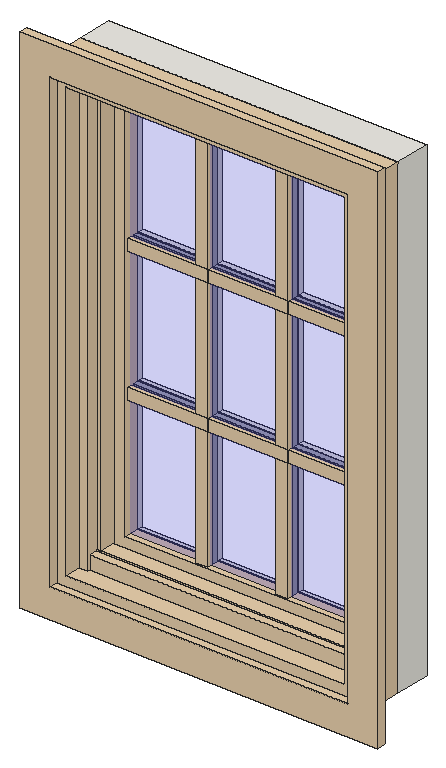
Revit family "Window-Venting_Transom-Andersen-A_Series 2", category Windows, host Wall, Revit 2013
Parameters (values of type "71-1/4" x 35-1/4"")
  Visual Light Transmittance = 0.41  # constant formula
  Thermal Resistance (R) = 0.65161  # 3.7000 (h·ft²·°F)/BTU
  TFL = if(Fractional Lights High > 5, 3, if(or(Fractional Lights High = 4, Fractional Lights High = 5), 2, if(or(Fractional Lights High = 2, Fractional Lights High = 3), 1, 1)))  # 1
  TFB = TFL - 1  # 0
  Solar Heat Gain Coefficient = 0.18  # constant formula
  Learn About These Parameters = "http://www.andersenwindows.com/for-professionals/cad-symbols-bim-support-window-doors/bim-support"
  LWide = if(Enter Pattern Number = 3, 3, if(Enter Pattern Number = 1, . . Lights Wide, Fractional Lights Wide))  # 3
  Heat Transfer Coefficient (U) = 1.5331  # 0.2700 BTU/(h·ft²·°F)
  Glazing Material = Glass ‐ Andersen - Low-E4 SmartSun
  Fractional Lights Wide = 7
  Fractional Lights High = 3
  Exterior Unit Finish = Fiberglass - Andersen - White
  Available Grille Bar Sizes = "3/4'', 7/8'', 1 1/8'', 2 1/4''"  # constant formula
  Between Glass Grille Bar Sizes = "3/4'', 1''"  # constant formula
  Interior Casing = yes
  Grille Bar Size = 0' - 0 7/8"
  Enter Pattern Number = 1
  Analytic Construction = "<None>"
  ..Pattern Number 1 = "Colonial"  # constant formula
  . . Lights Wide = 3
  . . Lights High = 3
  ..Pattern Number 2 = "Modified Colonial"  # constant formula
  ..Pattern Number 3 = "Prairie"  # constant formula
  ..Pattern Number 4 = "Short Fractional"  # constant formula
  ..Pattern Number 5 = "Tall Fractional"  # constant formula
  Extension Jamb = yes
  Enter Exterior Trim Number = 0
  ..Exterior Trim Number 0 = "No Exterior Trim"  # constant formula
  ..Exterior Trim Number 1 = "Brick Mould"  # constant formula
  ..Exterior Trim Number 2 = "3 1/2'' Flat Casing"  # constant formula
  ..Exterior Trim Number 3 = "4 1/2'' Flat Casing"  # constant formula
  Interior Grille Bar = yes
  Exterior Grille Bar = yes
  Between Glass Grille Bar = yes
  xjamb Visibility [instance] = and(Wall Depth > 0' 4 9/16", Extension Jamb)  # no
  xjamb S1 [instance] = if(Wall Depth > 0' 4 9/16", Wall Depth - 0' 4 9/16", 0' 3")  # 0' - 3"
  sill nose1 = 0' - 1 13/16"  # constant formula
  sill nose 2 = 0' - 1 15/16"  # constant formula
  casingS2 = if(Enter Exterior Trim Number = 1, 0' 0 3/16", 0' 0 3/16")  # 0' - 0 3/16"
  casingS1 = if(Enter Exterior Trim Number = 1, 0' 0 7/16", 0' 0 3/16")  # 0' - 0 3/16"
  casing4 = if(Enter Exterior Trim Number = 1, 0' 1 3/4", if(Enter Exterior Trim Number = 2, 0' 3 1/4", 0' 4 1/4"))  # 0' - 4 1/4"
  casing3 = 0' - 0 1/2"  # constant formula
  casing2 = 0' - 0 7/8"  # constant formula
  casing1 = 0' - 0 1/4"  # constant formula
  Xjamb 2 = 0' - 0 1/32"
  Xjamb 1 = 0' - 0 23/32"
  Wall Thickness [instance] = 0' - 8"
  Wall Depth [instance] = 0' - 4 9/16"
  Void Offset 2 = if(Enter Exterior Trim Number > 0, 0' 1 15/16", 0' 0")  # 0' - 0"
  Void Offset 1 = if(Enter Exterior Trim Number > 0, casing4, 0' 0")  # 0' - 0"
  Void Depth [instance] = if(Wall Thickness > Wall Depth, 0' 1" + Wall Thickness - Wall Depth, 0' 1")  # 0' - 4 7/16"
  VGB DLO = if(Enter Pattern Number = 3, 0' 4", (H DLO - (Grille Bar Size * (V Bars))) / if(LWide > 2, LWide, 3))  # 0' - 5.20833"
  V Bars = if(Enter Pattern Number = 3, 2, if(LWide > 2, LWide - 1, 2))  # 2
  URL = "www.andersenwindows.com"
  Type Comments = "Fiberglass and Fibrex clad wood venting tansom window"
  TS V DLO = Height - HGO - SGO  # 2' - 5 3/8"
  TS V Bar Length = if(or(Enter Pattern Number = 5, Enter Pattern Number = 2), ((((Height - HGO - SGO - (Grille Bar Size * (Fractional Lights High - 1))) / Fractional Lights High)) * TFL) + (TFB * Grille Bar Size), if(Enter Pattern Number = 4, ((Height - HGO - SGO - (Grille Bar Size * (Fractional Lights High - 1))) / Fractional Lights High), Height - HGO - SGO))  # 2' - 5 3/8"
  TS SH DLO = if(or(Enter Pattern Number = 5, Enter Pattern Number = 2), ((((Height - HGO - SGO - (Grille Bar Size * (Fractional Lights High - 1))) / Fractional Lights High)) * TFL) + (TFB * Grille Bar Size) + HGO + (Grille Bar Size / 2), if(Enter Pattern Number = 4, TS V Bar Length + HGO + (Grille Bar Size / 2), (TS V DLO / 2) + HGO))  # 1' - 6"
  TS S V = or(and(LWide = 2, Enter Pattern Number = 1), and(Fractional Lights Wide = 2, or(or(Enter Pattern Number = 2, Enter Pattern Number = 4), Enter Pattern Number = 5)))  # no
  TS S H Craftsman = and(Enter Pattern Number = 2, or(Fractional Lights High = 4, Fractional Lights High = 5))  # no
  TS S H = or(or(or(and(. . Lights High = 2, Enter Pattern Number = 1), and(Enter Pattern Number = 4, Fractional Lights High > 1)), and(Enter Pattern Number = 5, Fractional Lights High > 1)), and(Enter Pattern Number = 2, Fractional Lights High > 1))  # no
  TS M V = LWide > 2  # yes
  TS M H = or(or(Enter Pattern Number = 3, and(. . Lights High > 2, Enter Pattern Number = 1)), and(Enter Pattern Number = 2, Fractional Lights High > 5))  # yes
  TS HGB DLO = if(Enter Pattern Number = 1, if(. . Lights High > 2, ((TS V Bar Length - (Grille Bar Size * (. . Lights High - 1))) / . . Lights High), 0' 4"), if(Enter Pattern Number = 3, 0' 4", if(Fractional Lights High > 2, ((TS V Bar Length - (Grille Bar Size * 2)) / 3), 0' 4")))  # 0' - 9.20833"
  TS H Bars = if(Enter Pattern Number = 3, 2, if(Enter Pattern Number = 1, if(. . Lights High > 2, . . Lights High - 1, 2), 2))  # 2
  Step Visibility = no
  Step Jamb2 = 0' - 0 13/16"
  Step Jamb1 = 0' - 1 1/8"  # constant formula
  Sill Stop Dim [instance] = 0' - 2 19/32"
  SGO = 0' - 3 5/16"  # constant formula
  Rough Width = Width + (Rough Opening Offset * 2)  # 2' - 0 3/4"
  Rough Opening Offset = 0' - 0 3/8"
  Rough Height = Height + (Rough Opening Offset * 2)  # 3' - 0 3/4"
  Push Out Stop Visibility [instance] = no
  Product Documentation Link = "http://www.andersenwindows.com/products/series/a-series/"
  Plan Exterior Mask Visibility [instance] = Plan Exterior Mask 2 > 0' 0 1/32"  # yes
  Plan Exterior Mask 2 [instance] = if(Enter Exterior Trim Number > 0, if(Wall Depth + 0' 1 1/16" + casingS1 > Wall Thickness, 0' 0 1/32", Wall Thickness - Wall Depth - 0' 1 1/16" - casingS1), if(Wall Depth + 0' 1 1/16" > Wall Thickness, 0' 0 1/32", Wall Thickness - Wall Depth - 0' 0 1/16"))  # 0' - 3 3/8"
  Plan Exterior Mask [instance] = if(Enter Exterior Trim Number > 0, 0' 1 1/16" + casingS1, 0' 1 1/16")  # 0' - 1 1/16"
  Nail Fin Visibility = Enter Exterior Trim Number = 0  # yes
  Model = "A-Series Venting Transom"  # constant formula
  Masonry Width = if(Enter Exterior Trim Number > 0, Width + ((casing4 + Masonry Opening Offset) * 2), Width + (Masonry Opening Offset * 2))  # 2' - 0 3/4"
  Masonry Opening Offset = 0' - 0 3/8"
  Masonry Height = if(Enter Exterior Trim Number > 0, Height + (casing4 + Masonry Opening Offset) + (sill nose 2 + Masonry Opening Offset), Height + (Masonry Opening Offset * 2))  # 3' - 0 3/4"
  Manufacturer = "Andersen Corporation"  # constant formula
  JGO = 0' - 3 5/16"  # constant formula
  Interior Trim Visibility = Interior Casing  # yes
  Interior Material = Wood - Andersen - Pine
  Interior Casing Size = 0' - 2 1/4"
  Horizontal Craftsman Bar Size = Grille Bar Size  # 0' - 0 7/8"
  Height = 3' - 0"
  Head Stop Dim [instance] = 0' - 2 121/256"
  HGO = 0' - 3 5/16"  # constant formula
  H DLO = Width - (JGO * 2)  # 1' - 5 3/8"
  Family Version = "01.01.15"  # constant formula
  Exterior Trim Finish = Fibrex Composite - Andersen - White
  Designation = "ATV6030"
  Description = "Composite-clad wood venting transom window"  # constant formula
  Default Sill Height = 6' 10 1/2" - Rough Height  # 3' - 9 3/4"
  Wall Closure = By host
  Width = 2' - 0"
  Crank Out Stop Visibility [instance] = yes
  Coarse Plan [instance] = if(Wall Depth < Wall Thickness, Wall Depth, Wall Thickness)  # 0' - 4 9/16"
  Casing Visibility = Enter Exterior Trim Number > 0  # no
  Between Glass Grille Bar Finish = Stainless Steel - Andersen - Standard
  Bar Center Line = if(Enter Pattern Number = 3, 1, 2)  # 2
  Assembly Code = "B2020100"
Reference planes (in)
  plane 1 "Center (Front/Back)": y = 0
  plane 2: z = 0
  plane 3 "Center (Left/Right)": x = 0
  plane 4 "R Frame": x = -12
  plane 5 "L Frame": x = 12
  plane 6 "B Frame": z = 47.4375
  plane 7 "T Frame": z = 83.4375
  plane 8 "L Glazing": x = 8.6875
  plane 9 "L Ext Frame": x = 11.375
  plane 10 "L Stop": x = 9.53125
  plane 11 "L Xjamb 1": x = 11.28125
  plane 12 "L Casing 1": x = 11.75
  plane 13 "L Xjamb 2": x = 11.96875
  plane 14 "L Rough Opening": x = 12.375
  plane 15 "L Casing 2": x = 15.375
  plane 16 "L Casing 3": x = 15.75
  plane 17 "L Casing 4": x = 16.25
  plane 18 "R Glazing": x = -8.6875
  plane 19 "R Ext Frame": x = -11.375
  plane 20 "R Stop": x = -9.528
  plane 21 "R Xjamb 1": x = -11.28125
  plane 22 "R Casing 1": x = -11.75
  plane 23 "R Xjamb 2": x = -11.96875
  plane 24 "R Rough Opening": x = -12.375
  plane 25 "R Casing 2": x = -15.375
  plane 26 "R Casing 3": x = -15.75
  plane 27 "R Casing 4": x = -16.25
  plane 28 "R Int Casing": x = -13.53125
  plane 29 "T Glazing": z = 80.125
  plane 30 "T Ext Frame": z = 82.8125
  plane 31 "T Xjamb 1": z = 82.71875
  plane 32 "T Casing 1": z = 83.1875
  plane 33 "T Xjamb 2": z = 83.40625
  plane 34 "T Rough Opening": z = 83.8125
  plane 35 "T Casing 2": z = 86.8125
  plane 36 "T Casing 3": z = 87.1875
  plane 37 "T Casing 4": z = 87.6875
  plane 38 "T Int Casing": z = 84.96875
  plane 39 "B Glazing": z = 50.75
  plane 40 "B Ext Frame": z = 48.0625
  plane 41 "B Xjamb 2": z = 47.46875
  plane 42 "B Casing 1": z = 47.6875
  plane 43 "B Casing 2": z = 45.5
  plane 44 "B Int Casing": z = 45.90625
  plane 45 "L Int Casing": x = 13.53125
  plane 46 "Casing S1": y = 2.062
  plane 47 "Casing S2": y = 2.062
  plane 48 "Frame S1": y = 1.8745
  plane 49 "Flange": y = 0.5625
  plane 50 "Glass1 S1": y = 0.42381
  plane 51 "Glass1 S2": y = 0.30181
  plane 52 "Glass1 S3": y = -0.21919
  plane 53 "Glass1 S4": y = -0.34119
  plane 54 "Sash1 S2": y = -0.78619
  plane 55 "Frame S2": y = -4
  plane 56 "B Xjamb 1": z = 48.15625
  plane 57 "Exterior Offset": y = 5
  plane 58 "Interior Casing": y = -4.625
  plane 59 "Vertical Bar Length": z = 50.75
  plane 60 "B Rough Opening": z = 47.0625
  plane 61 "R Masonry Opening": x = -16.625
  plane 62 "L Masonry Opening": x = 16.625
  plane 63 "T Masonry Opening": z = 88.0625
  plane 64 "B Masonry Opening": z = 45.125
  plane 65 "Xjamb S1": y = -1
  plane 66 "Sash1 S1": y = 0.80581
  plane 67 "R Sash": x = -11.0171
  plane 68 "L Sash": x = 11.03125
  plane 69 "Stop S1": y = -2.78619
  plane 70 "B Sash": z = 48.4194
  plane 71 "T Sash": z = 82.4546
  plane 72 "T Int Frame": z = 82.0055
  plane 73 "B Int Frame": z = 48.875
  plane 74 "L Int Frame": x = 10.5625
  plane 75 "R Int Frame": x = -10.568
  plane 76 "T Stop": z = 80.96484
  plane 77 "B Stop": z = 50.03125
Forms (in)
  Extrusion 1, void
    sketch origin (0, 0, 0) x (1, 0, 0) y (0, 0, 1)
      loop
        line (12, 83.4375) -> (-12, 83.4375) -> (-12, 47.4375) -> (12, 47.4375) -> (12, 83.4375)
    from -0.5625 to 4
  Extrusion 2, void
    sketch origin (0, 0, 0) x (1, 0, 0) y (0, 0, 1)
      loop
        line (12, 83.4375) -> (-12, 83.4375) -> (-12, 47.4375) -> (12, 47.4375) -> (12, 83.4375)
    from -16 to -0.5625
  Extrusion 3, solid, material "Wood - Andersen - Pine" <- "Interior Material", visible <- "xjamb Visibility", detail levels medium+fine
    sketch origin (0, -2.5625, 0) x (-1, 0, 0) y (0, 0, 1)
      loop
        line (11.96875, 83.40625) -> (-11.96875, 83.40625) -> (-11.96875, 47.46875) -> (11.96875, 47.46875) -> (11.96875, 83.40625)
      loop
        line (11.28125, 82.71875) -> (-11.28125, 82.71875) -> (-11.28125, 48.15625) -> (11.28125, 48.15625) -> (11.28125, 82.71875)
    from 1.5625 to -1.4375
  Extrusion 4, solid, material "Wood - Andersen - Pine" <- "Interior Material", visible <- "Interior Trim Visibility", detail levels fine
    sketch origin (0, -4.625, 0) x (-1, 0, 0) y (0, 0, 1)
      loop
        line (13.53125, 84.96875) -> (-13.53125, 84.96875) -> (-13.53125, 45.90625) -> (13.53125, 45.90625) -> (13.53125, 84.96875)
      loop
        line (11.28125, 82.71875) -> (-11.28125, 82.71875) -> (-11.28125, 48.15625) -> (11.28125, 48.15625) -> (11.28125, 82.71875)
    from 0 to 0.625
  Extrusion 5, solid, material "Fibrex Composite - Andersen - White" <- "Exterior Trim Finish", visible <- "Casing Visibility", detail levels medium+fine
    sketch origin (0, 0, 0) x (0, 1, 0) y (0, 0, 1)
      loop
        line (1.31163, 47.4375) -> (0.5625, 47.4375) -> (0.5625, 45.5) -> (2.375, 45.5) -> (2.375, 47.25) -> (1.31163, 47.4375)
    from -16.25 to 16.25
  Sweep 6, solid, material "Fibrex Composite - Andersen - White" <- "Exterior Trim Finish", visible <- "Casing Visibility", detail levels medium+fine
    path origin (0, 0.5625, 0) x (-1, 0, 0) y (0, 0, 1)
      loop
        line (-16.25, 45.5) -> (-16.25, 87.6875) -> (16.25, 87.6875) -> (16.25, 45.5)
    profile origin (16.25, 0.5625, 66.59375) x (1, 0, 0) y (0, 1, 0)
      loop
        line (-0.875, 1.4995) -> (-4.5, 1.4995) -> (-4.5, 0) -> (0, 0) -> (0, 1.4995) -> (-0.5, 1.4995) -> (-0.875, 1.4995)
  Extrusion 7, solid, material "Fibrex Composite - Andersen - White" <- "Exterior Trim Finish", visible <- "Casing Visibility", detail levels coarse
    sketch origin (0, 0.5625, 0) x (-1, 0, 0) y (0, 0, 1)
      loop
        line (-16.25, 87.6875) -> (-16.25, 45.5) -> (16.25, 45.5) -> (16.25, 87.6875) -> (-16.25, 87.6875)
      loop
        line (-11.75, 83.1875) -> (-11.75, 47.4375) -> (11.75, 47.4375) -> (11.75, 83.1875) -> (-11.75, 83.1875)
    from 0 to 1.4995
  Extrusion 8, solid, material "Wood - Andersen - Pine" <- "Interior Material"
    sketch origin (0, -0.78619, 0) x (-1, 0, 0) y (0, 0, 1)
      loop
        line (11.0171, 82.4546) -> (-11.03125, 82.4546) -> (-11.03125, 48.4194) -> (11.0171, 48.4194) -> (11.0171, 82.4546)
      loop
        line (8.6875, 80.125) -> (-8.6875, 80.125) -> (-8.6875, 50.75) -> (8.6875, 50.75) -> (8.6875, 80.125)
    from 0 to 1.21
  Extrusion 9, solid, material "Fiberglass - Andersen - White" <- "Exterior Unit Finish"
    sketch origin (0, 80.71747, 0) x (-1, 0, 0) y (0, 0, 1)
      loop
        line (-8.6875, 80.125) -> (-8.6875, 50.75) -> (8.6875, 50.75) -> (8.6875, 80.125) -> (-8.6875, 80.125)
      loop
        line (-11.03125, 48.4194) -> (11.0171, 48.4194) -> (11.0171, 82.4546) -> (-11.03125, 82.4546) -> (-11.03125, 48.4194)
    from -79.91166 to -80.29366
  Extrusion 10, solid, material "Glass ‐ Andersen - Low-E4 SmartSun" <- "Glazing Material"
    sketch origin (0, -0.34119, 0) x (-1, 0, 0) y (0, 0, 1)
      loop
        line (-8.6875, 80.125) -> (-8.6875, 50.75) -> (8.6875, 50.75) -> (8.6875, 80.125) -> (-8.6875, 80.125)
    from 0 to 0.765
  Extrusion 11, solid, material "Fiberglass - Andersen - White" <- "Exterior Unit Finish"
    sketch origin (0, 0, 0) x (1, 0, 0) y (0, 0, 1)
      loop
        line (12, 83.4375) -> (-12, 83.4375) -> (-12, 47.4375) -> (12, 47.4375) -> (12, 83.4375)
      loop
        line (11.375, 82.8125) -> (-11.375, 82.8125) -> (-11.375, 48.0625) -> (11.375, 48.0625) -> (11.375, 82.8125)
    from -1.8745 to 0.78619
  Extrusion 12, solid, material "Wood - Andersen - Pine" <- "Interior Material"
    sketch origin (0, 0, 0) x (1, 0, 0) y (0, 0, 1)
      loop
        line (12, 83.4375) -> (-12, 83.4375) -> (-12, 47.4375) -> (12, 47.4375) -> (12, 83.4375)
      loop
        line (10.5625, 82.0055) -> (-10.568, 82.0055) -> (-10.568, 48.875) -> (10.5625, 48.875) -> (10.5625, 82.0055)
    from 0.78619 to 4
  Extrusion 13, solid, material "Wood - Andersen - Pine" <- "Interior Material", detail levels medium+fine
    sketch origin (0, 0, 0) x (0, 1, 0) y (0, 0, 1)
      loop
        line (-1.98274, 50.02969) -> (-1.98619, 49.931) -> (-2.58619, 49.931) -> (-2.58619, 48.875) -> (-0.78619, 48.875) -> (-0.78619, 50.02969) -> (-1.98274, 50.02969)
    from -10.568 to 10.5625
  Extrusion 14, solid, material "Wood - Andersen - Pine" <- "Interior Material", detail levels medium+fine
    sketch origin (0, 0, 0) x (1, 0, 0) y (0, 1, 0)
      loop
        line (-10.568, -2.78619) -> (-9.888, -2.78619) -> (-9.888, -1.9799) -> (-9.528, -1.9799) -> (-9.528, -0.78619) -> (-10.568, -0.78619) -> (-10.568, -2.78619)
      loop
        line (10.5625, -2.78619) -> (10.5625, -0.78619) -> (9.53125, -0.78619) -> (9.53125, -1.9799) -> (9.888, -1.9799) -> (9.888, -2.78619) -> (10.5625, -2.78619)
    from 48.875 to 82.0055
  Extrusion 15, solid, material "Wood - Andersen - Pine" <- "Interior Material", detail levels medium+fine
    sketch origin (0, 0, 0) x (0, 1, 0) y (0, 0, 1)
      loop
        line (-2.78619, 82.0055) -> (-2.78619, 81.3255) -> (-1.9799, 81.3255) -> (-1.9799, 80.9655) -> (-0.78619, 80.9655) -> (-0.78619, 82.0055) -> (-2.78619, 82.0055)
    from -10.568 to 10.5625
Cuts and joins
  joined: Extrusion 5, Sweep 6
  joined: Extrusion 13, Extrusion 14, Extrusion 15
Lines and regions (in)
  Masking region 1, detail levels medium+fine
    outline origin (0, 0, 47.4375) x (0, -1, 0) y (1, 0, 0)
      loop
        line (-1.8745, -12) -> (4, -12) -> (4, 12) -> (-1.8745, 12) -> (-1.8745, -12)
  Masking region 2, visible <- "Casing Visibility", detail levels medium+fine
    outline origin (0, 0, 47.4375) x (0, -1, 0) y (1, 0, 0)
      loop
        line (-1.8745, -12) -> (-1.8745, 12) -> (-0.5625, 12) -> (-0.5625, 16.25) -> (-2.062, 16.25) -> (-2.062, -16.25) -> (-0.5625, -16.25) -> (-0.5625, -12) -> (-1.8745, -12)
  Masking region 3, visible <- "Nail Fin Visibility", detail levels coarse
    outline origin (0, 0, 47.4375) x (0, -1, 0) y (1, 0, 0)
      loop
        line (-5, -12) -> (4, -12) -> (4, 12) -> (-5, 12) -> (-5, -12)
  Masking region 4
    outline origin (0, 0, 0) x (0, 1, 0) y (0, 0, 1)
      loop
        line (1.8745, 83.4375) -> (-4, 83.4375) -> (-4, 47.4375) -> (1.8745, 47.4375) -> (1.8745, 83.4375)
  Masking region 5, visible <- "Casing Visibility"
    outline origin (0, 0, 0) x (0, 1, 0) y (0, 0, 1)
      loop
        line (1.8745, 47.33825) -> (1.8745, 47.4375) -> (0.5625, 47.4375) -> (0.5625, 45.5) -> (2.375, 45.5) -> (2.375, 47.25) -> (1.8745, 47.33825)
  Masking region 6, visible <- "Casing Visibility"
    outline origin (0, 0, 0) x (0, 1, 0) y (0, 0, 1)
      loop
        line (1.8745, 83.4375) -> (1.8745, 47.33825) -> (2.062, 47.30519) -> (2.062, 87.6875) -> (0.5625, 87.6875) -> (0.5625, 83.4375) -> (1.8745, 83.4375)
  Masking region 7, visible <- "Casing Visibility"
    outline origin (0, 1.8745, 0) x (-1, 0, 0) y (0, 0, 1)
      loop
        line (-16.25, 87.6875) -> (-16.25, 45.5) -> (16.25, 45.5) -> (16.25, 87.6875) -> (-16.25, 87.6875)
  Masking region 8
    outline origin (0, 1.8745, 0) x (-1, 0, 0) y (0, 0, 1)
      loop
        line (-12, 83.4375) -> (-12, 47.4375) -> (12, 47.4375) -> (12, 83.4375) -> (-12, 83.4375)
  Masking region 9
    outline origin (0, -4, 0) x (-1, 0, 0) y (0, 0, 1)
      loop
        line (12, 83.4375) -> (-12, 83.4375) -> (-12, 47.4375) -> (12, 47.4375) -> (12, 83.4375)
  Masking region 10, visible <- "Interior Trim Visibility", detail levels fine
    outline origin (0, -4.625, 0) x (-1, 0, 0) y (0, 0, 1)
      loop
        line (13.53125, 84.96875) -> (-13.53125, 84.96875) -> (-13.53125, 45.90625) -> (13.53125, 45.90625) -> (13.53125, 84.96875)
      loop
        line (11.28125, 82.71875) -> (-11.28125, 82.71875) -> (-11.28125, 48.15625) -> (11.28125, 48.15625) -> (11.28125, 82.71875)
  Masking region 11, visible <- "Casing Visibility", detail levels coarse
    outline origin (0, 0, 47.4375) x (0, -1, 0) y (1, 0, 0)
      loop
        line (-5, -16.25) -> (-0.5625, -16.25) -> (-0.5625, -12) -> (4, -12) -> (4, 12) -> (-0.5625, 12) -> (-0.5625, 16.25) -> (-5, 16.25) -> (-5, -16.25)
  Masking region 12, visible <- "xjamb Visibility", detail levels medium+fine
    outline origin (0, 0, 0) x (0, 1, 0) y (0, 0, 1)
      loop
        line (-1, 83.40625) -> (-4, 83.40625) -> (-4, 47.46875) -> (-1, 47.46875) -> (-1, 83.40625)
  Masking region 13, visible <- "Interior Trim Visibility", detail levels fine
    outline origin (0, 0, 0) x (0, 1, 0) y (0, 0, 1)
      loop
        line (-4, 84.96875) -> (-4.625, 84.96875) -> (-4.625, 45.90625) -> (-4, 45.90625) -> (-4, 84.96875)
  Masking region 14, visible <- "xjamb Visibility", detail levels medium+fine
    outline origin (0, 0, 47.4375) x (0, -1, 0) y (1, 0, 0)
      loop
        line (1, -11.96875) -> (4, -11.96875) -> (4, 11.96875) -> (1, 11.96875) -> (1, -11.96875)
  Masking region 15, visible <- "Interior Trim Visibility", detail levels fine
    outline origin (0, 0, 47.4375) x (0, -1, 0) y (1, 0, 0)
      loop
        line (4, -13.53125) -> (4.625, -13.53125) -> (4.625, 13.53125) -> (4, 13.53125) -> (4, -13.53125)
  symbolic lines, style "WindowsFrameMullionProjection", visible <- "Casing Visibility", detail levels fine
    curve 1: line (15.75, 2.062, 47.4375) -> (15.375, 2.062, 47.4375)
    curve 2: line (15.375, 2.062, 47.4375) -> (11.75, 2.062, 47.4375)
    curve 3: line (11.75, 2.062, 47.4375) -> (11.75, 1.8745, 47.4375)
    curve 4: line (-15.75, 2.062, 47.4375) -> (-15.375, 2.062, 47.4375)
    curve 5: line (-15.375, 2.062, 47.4375) -> (-11.75, 2.062, 47.4375)
    curve 6: line (-11.75, 2.062, 47.4375) -> (-11.75, 1.8745, 47.4375)
  symbolic lines, style "WindowsGlassProjection", detail levels medium+fine
    curve 7: line (-8.6875, 0.42381, 47.4375) -> (8.6875, 0.42381, 47.4375)
    curve 10: line (-8.6875, -0.34119, 47.4375) -> (8.6875, -0.34119, 47.4375)
  symbolic lines, style "WindowsGlassProjection", detail levels fine
    curve 8: line (-8.6875, 0.30181, 47.4375) -> (8.6875, 0.30181, 47.4375)
    curve 9: line (-8.6875, -0.21919, 47.4375) -> (8.6875, -0.21919, 47.4375)
    curve 27: line (0, 0.30181, 80.125) -> (0, 0.30181, 50.75)
    curve 28: line (0, -0.21919, 80.125) -> (0, -0.21919, 50.75)
    curve 73: line (-9.1685, 0.30181, 46.25) -> (-8.6875, 0.30181, 46.25)
    curve 79: line (-8.8385, 0.30181, 46.25) -> (-8.8385, -0.21919, 46.25)
    curve 81: line (-8.6875, -0.21919, 46.25) -> (-9.1685, -0.21919, 46.25)
    curve 127: line (9.1685, 0.30181, 46.25) -> (8.6875, 0.30181, 46.25)
    curve 133: line (8.8385, 0.30181, 46.25) -> (8.8385, -0.21919, 46.25)
    curve 135: line (8.6875, -0.21919, 46.25) -> (9.1685, -0.21919, 46.25)
    curve 171: line (0, 0.30181, 80.606) -> (0, 0.30181, 80.124)
    curve 172: line (0, 0.30181, 80.276) -> (0, -0.21919, 80.276)
    curve 174: line (0, -0.21919, 80.124) -> (0, -0.21919, 80.606)
    curve 236: line (0, 0.30181, 50.256) -> (0, 0.30181, 50.75)
    curve 237: line (0, 0.30181, 50.586) -> (0, -0.21919, 50.586)
    curve 238: line (0, -0.21919, 50.75) -> (0, -0.21919, 50.256)
  symbolic lines, style "WindowsFrameMullionProjection", detail levels medium
    curve 11: line (-11.0171, 0.80581, 47.4375) -> (-8.6875, 0.80581, 47.4375)
    curve 12: line (-8.6875, 0.80581, 47.4375) -> (-8.6875, -0.78619, 47.4375)
    curve 13: line (-8.6875, -0.78619, 47.4375) -> (-11.0171, -0.78619, 47.4375)
    curve 14: line (-11.0171, 1.8745, 47.4375) -> (-11.0171, -0.78619, 47.4375)
    curve 15: line (11.03125, 0.80581, 47.4375) -> (8.6875, 0.80581, 47.4375)
    curve 16: line (8.6875, 0.80581, 47.4375) -> (8.6875, -0.78619, 47.4375)
    curve 17: line (8.6875, -0.78619, 47.4375) -> (11.03125, -0.78619, 47.4375)
    curve 18: line (11.03125, 1.8745, 47.4375) -> (11.03125, -0.78619, 47.4375)
    curve 44: line (11.03125, -0.78619, 0) -> (9.53125, -0.78619, 0)
    curve 45: line (9.53125, -0.78619, 0) -> (9.53125, -2.78619, 0)
    curve 46: line (-11.0171, -0.78619, 0) -> (-9.528, -0.78619, 0)
    curve 47: line (-9.528, -0.78619, 0) -> (-9.528, -2.78619, 0)
    curve 154: line (-10.568, -2.78619, 0) -> (-10.568, -4, 0)
    curve 155: line (-9.528, -2.78619, 0) -> (-10.568, -2.78619, 0)
    curve 156: line (9.53125, -2.78619, 0) -> (10.5625, -2.78619, 0)
    curve 157: line (10.5625, -2.78619, 0) -> (10.5625, -4, 0)
  symbolic lines, style "WindowsFrameMullionProjection", detail levels coarse
    curve 19: line (-9.528, -4, 47.4375) -> (-9.528, 5, 47.4375)
    curve 20: line (9.53125, -4, 47.4375) -> (9.53125, 5, 47.4375)
  symbolic lines, style "WindowsGlassProjection", detail levels coarse
    curve 21: line (-9.528, 0, 47.4375) -> (9.53125, 0, 47.4375)
    curve 22: line (-9.528, 1, 47.4375) -> (9.53125, 1, 47.4375)
  symbolic lines, style "WindowsFrameMullionProjection", visible <- "Casing Visibility"
    curve 23: line (0, 2.062, 87.1875) -> (0, 2.062, 86.8125)
    curve 24: line (0, 2.062, 86.8125) -> (0, 2.062, 83.1875)
    curve 25: line (0, 2.062, 83.1875) -> (0, 1.8745, 83.1875)
    curve 69: line (0, 2.062, 87.6875) -> (0, 0.5625, 87.6875)
    curve 70: line (0, 2.062, 45.5) -> (0, 0.5625, 45.5)
  symbolic lines, style "WindowsGlassProjection"
    curve 26: line (0, 0.42381, 80.125) -> (0, 0.42381, 50.75)
    curve 29: line (0, -0.34119, 80.125) -> (0, -0.34119, 50.75)
  symbolic lines, style "WindowsFrameMullionProjection", detail levels medium+fine
    curve 30: line (11.03125, 1.8745, 82.4546) -> (-11.0171, 1.8745, 82.4546)
    curve 31: line (11.03125, 1.8745, 48.4194) -> (11.03125, 1.8745, 82.4546)
    curve 32: line (-11.0171, 1.8745, 48.4194) -> (11.03125, 1.8745, 48.4194)
    curve 33: line (-11.0171, 1.8745, 82.4546) -> (-11.0171, 1.8745, 48.4194)
    curve 38: line (-9.528, -4, 80.96484) -> (9.53125, -4, 80.96484)
    curve 39: line (-9.528, -4, 50.75) -> (-9.528, -4, 80.96484)
    curve 40: line (9.53125, -4, 50.75) -> (-9.528, -4, 50.75)
    curve 41: line (9.53125, -4, 80.96484) -> (9.53125, -4, 50.75)
    curve 50: line (-10.568, -4, 82.0055) -> (10.5625, -4, 82.0055)
    curve 51: line (-10.568, -4, 48.875) -> (-10.568, -4, 82.0055)
    curve 52: line (10.5625, -4, 48.875) -> (-10.568, -4, 48.875)
    curve 53: line (10.5625, -4, 82.0055) -> (10.5625, -4, 48.875)
    curve 99: line (-12, 0.5625, 46.25) -> (-13.625, 0.5625, 46.25)
    curve 153: line (12, 0.5625, 46.25) -> (13.625, 0.5625, 46.25)
  symbolic lines, style "WindowsFrameMullionProjection"
    curve 34: line (8.6875, 0, 80.125) -> (-8.6875, 0, 80.125)
    curve 35: line (8.6875, 0, 50.75) -> (8.6875, 0, 80.125)
    curve 36: line (-8.6875, 0, 80.125) -> (-8.6875, 0, 50.75)
    curve 37: line (-8.6875, 0, 50.75) -> (8.6875, 0, 50.75)
    curve 67: line (-12, 0.5625, 47.4375) -> (-12, -4, 47.4375)
    curve 68: line (12, 0.5625, 47.4375) -> (12, -4, 47.4375)
    curve 158: line (0, 0.33936, 82.6375) -> (0, 1.87531, 82.8125)
    curve 159: line (0, -0.30469, 82.6375) -> (0, 0.33936, 82.6375)
    curve 160: line (0, -0.30469, 81.8715) -> (0, -0.30469, 82.6375)
    curve 161: line (0, -0.78619, 81.8715) -> (0, -0.30469, 81.8715)
    curve 162: line (0, -1.9799, 80.9655) -> (0, -0.78619, 80.9655)
    curve 163: line (0, -1.9799, 81.3255) -> (0, -1.9799, 80.9655)
    curve 164: line (0, -2.78619, 81.3255) -> (0, -1.9799, 81.3255)
    curve 165: line (0, -2.78619, 82.0055) -> (0, -2.78619, 81.3255)
    curve 166: line (0, -3.84375, 82.0055) -> (0, -0.78619, 82.0055)
    curve 167: line (0, 0.80581, 82.4546) -> (0, 0.32781, 82.37032)
    curve 168: line (0, 0.80581, 80.31741) -> (0, 0.80581, 82.4546)
    curve 169: line (0, 0.47081, 80.124) -> (0, 0.80581, 80.31741)
    curve 170: line (0, 0.42381, 80.606) -> (0, 0.42381, 80.124)
    curve 173: line (0, 0.42381, 80.124) -> (0, 0.47081, 80.124)
    curve 175: line (0, 0.42381, 80.606) -> (0, -0.34119, 80.606)
    curve 176: line (0, -0.34119, 80.606) -> (0, -0.34119, 80.124)
    curve 177: line (0, -0.46768, 80.124) -> (0, -0.34119, 80.124)
    curve 178: line (0, -0.78619, 80.44251) -> (0, -0.46768, 80.124)
    curve 179: line (0, -0.78619, 82.0055) -> (0, -0.78619, 80.44251)
    curve 180: line (0, -0.17219, 81.687) -> (0, -0.78619, 81.687)
    curve 181: line (0, -0.17219, 82.2) -> (0, -0.17219, 81.687)
    curve 182: line (0, 0.32781, 82.2) -> (0, -0.17219, 82.2)
    curve 183: line (0, 0.32781, 82.37032) -> (0, 0.32781, 82.2)
    curve 210: line (0, 0.80581, 50.55659) -> (0, 0.47081, 50.75)
    curve 211: line (0, 0.80581, 48.4194) -> (0, 0.80581, 50.55659)
    curve 212: line (0, 0.49615, 48.474) -> (0, 0.80581, 48.4194)
    curve 213: line (0, 0.32781, 48.474) -> (0, 0.49615, 48.474)
    curve 214: line (0, 0.32781, 48.674) -> (0, 0.32781, 48.474)
    curve 215: line (0, -0.17219, 48.674) -> (0, 0.32781, 48.674)
    curve 216: line (0, -0.17219, 49.264) -> (0, -0.17219, 48.674)
    curve 217: line (0, -0.78619, 49.264) -> (0, -0.17219, 49.264)
    curve 218: line (0, -3.84375, 48.875) -> (0, -0.30469, 48.875)
    curve 219: line (0, -0.30469, 48.875) -> (0, -0.30469, 48.2375)
    curve 220: line (0, -0.30469, 48.2375) -> (0, 0.33936, 48.2375)
    curve 221: line (0, 0.33936, 48.2375) -> (0, 1.87531, 48.0625)
    curve 222: line (0, 0.5625, 47.4375) -> (0, 0.5625, 45.8125)
    curve 223: line (0, -2.58619, 48.875) -> (0, -2.58619, 49.931)
    curve 224: line (0, -2.58619, 49.931) -> (0, -1.98619, 49.931)
    curve 225: line (0, -1.98269, 50.031) -> (0, -1.98619, 49.931)
    curve 226: line (0, -0.78619, 50.031) -> (0, -1.98269, 50.031)
    curve 227: line (0, -0.78619, 50.45) -> (0, -0.78619, 49.264)
    curve 228: line (0, -0.78619, 49.768) -> (0, -1.21662, 49.768)
    curve 229: line (0, -1.21662, 49.768) -> (0, -1.97719, 49.56421)
    curve 230: line (0, -1.97719, 49.56421) -> (0, -1.97719, 48.875)
    curve 231: line (0, -0.47401, 50.75) -> (0, -0.78619, 50.45)
    curve 232: line (0, -0.34119, 50.75) -> (0, -0.47401, 50.75)
    curve 233: line (0, 0.42381, 50.75) -> (0, 0.42381, 50.256)
    curve 234: line (0, 0.47081, 50.75) -> (0, 0.42381, 50.75)
    curve 235: line (0, 0.42381, 50.256) -> (0, -0.34119, 50.256)
    curve 239: line (0, -0.34119, 50.256) -> (0, -0.34119, 50.75)
    curve 273: line (0, -4, 48.71875) -> (0, -3.84375, 48.875)
    curve 275: line (0, -3.84375, 82.0055) -> (0, -4, 82.16175)
  symbolic lines, style "WindowsFrameMullionProjection", visible <- "Casing Visibility", detail levels medium
    curve 42: line (-12, 1.8745, 47.4375) -> (-12, 2.062, 47.4375)
    curve 43: line (12, 2.062, 47.4375) -> (12, 1.8745, 47.4375)
  symbolic lines, style "WindowsFrameMullionProjection", visible <- "Nail Fin Visibility"
    curve 48: line (0, 0.5625, 85.0625) -> (0, 0.5625, 83.4375)
    curve 49: line (0, 0.5625, 47.4375) -> (0, 0.5625, 45.8125)
  symbolic lines, style "Elevation Swing"
    curve 54: line (11.03125, 0, 48.4194) -> (0, 0, 82.4546)
    curve 55: line (0, 0, 82.4546) -> (-11.0171, 0, 48.4194)
  symbolic lines, style "InvisibleLines", detail levels coarse
    curve 56: line (-12, -4, 0) -> (12, -4, 0)
  symbolic lines, style "WindowsFrameMullionProjection", visible <- "Step Visibility", detail levels medium+fine
    curve 57: line (0, -1, 82.0055) -> (0, -3.37469, 82.0055)
    curve 60: line (0, -1, 48.875) -> (0, -3.37469, 48.875)
  symbolic lines, style "WindowsFrameMullionProjection", visible <- "xjamb Visibility", detail levels medium+fine
    curve 58: line (0, -1, 82.71875) -> (0, -4, 82.71875)
    curve 61: line (0, -1, 48.15625) -> (0, -4, 48.15625)
    curve 63: line (-11.28125, -1, 47.4375) -> (-11.28125, -4, 47.4375)
    curve 65: line (11.28125, -1, 47.4375) -> (11.28125, -4, 47.4375)
  symbolic lines, style "WindowsFrameMullionProjection", visible <- "Interior Trim Visibility", detail levels fine
    curve 59: line (0, -4, 82.71875) -> (0, -4.625, 82.71875)
    curve 62: line (0, -4, 48.15625) -> (0, -4.625, 48.15625)
    curve 64: line (-11.28125, -4, 47.4375) -> (-11.28125, -4.625, 47.4375)
    curve 66: line (11.28125, -4, 47.4375) -> (11.28125, -4.625, 47.4375)
  symbolic lines, style "WindowsFrameMullionProjection", visible <- "Nail Fin Visibility", not visible
    curve 71: line (0, 1.5625, 46.25) -> (0, 1.5625, 44.625)
    curve 72: line (0, 1.5625, 83.875) -> (0, 1.5625, 82.25)
  symbolic lines, style "WindowsFrameMullionProjection", detail levels fine
    curve 74: line (-9.1685, 0.42381, 46.25) -> (-8.6865, 0.42381, 46.25)
    curve 75: line (-8.6865, 0.42381, 46.25) -> (-8.6865, 0.47081, 46.25)
    curve 76: line (-8.6865, 0.47081, 46.25) -> (-8.87991, 0.80581, 46.25)
    curve 77: line (-8.87991, 0.80581, 46.25) -> (-11.0171, 0.80581, 46.25)
    curve 78: line (-9.1685, -0.34119, 46.25) -> (-9.1685, 0.42381, 46.25)
    curve 80: line (-9.1685, -0.34119, 46.25) -> (-8.6865, -0.34119, 46.25)
    curve 82: line (-8.6865, -0.46768, 46.25) -> (-8.6865, -0.34119, 46.25)
    curve 83: line (-9.00501, -0.78619, 46.25) -> (-8.6865, -0.46768, 46.25)
    curve 84: line (-10.568, -0.78619, 46.25) -> (-9.00501, -0.78619, 46.25)
    curve 85: line (-9.528, -1.9799, 46.25) -> (-9.528, -0.78619, 46.25)
    curve 86: line (-10.2495, -0.17219, 46.25) -> (-10.2495, -0.78619, 46.25)
    curve 87: line (-10.7625, -0.17219, 46.25) -> (-10.2495, -0.17219, 46.25)
    curve 88: line (-10.7625, 0.32781, 46.25) -> (-10.7625, -0.17219, 46.25)
    curve 89: line (-10.93282, 0.32781, 46.25) -> (-10.7625, 0.32781, 46.25)
    curve 90: line (-11.0171, 0.80581, 46.25) -> (-10.93282, 0.32781, 46.25)
    curve 91: line (-11.2, 0.33936, 46.25) -> (-11.375, 1.87531, 46.25)
    curve 92: line (-11.2, -0.30469, 46.25) -> (-11.2, 0.33936, 46.25)
    curve 93: line (-10.434, -0.30469, 46.25) -> (-11.2, -0.30469, 46.25)
    curve 94: line (-10.434, -0.78619, 46.25) -> (-10.434, -0.30469, 46.25)
    curve 95: line (-9.888, -1.9799, 46.25) -> (-9.528, -1.9799, 46.25)
    curve 96: line (-9.888, -2.78619, 46.25) -> (-9.888, -1.9799, 46.25)
    curve 97: line (-10.568, -2.78619, 46.25) -> (-9.888, -2.78619, 46.25)
    curve 98: line (-10.568, -3.84375, 46.25) -> (-10.568, -0.78619, 46.25)
    curve 128: line (9.1685, 0.42381, 46.25) -> (8.6865, 0.42381, 46.25)
    curve 129: line (8.6865, 0.42381, 46.25) -> (8.6865, 0.47081, 46.25)
    curve 130: line (8.6865, 0.47081, 46.25) -> (8.87991, 0.80581, 46.25)
    curve 131: line (8.87991, 0.80581, 46.25) -> (11.0171, 0.80581, 46.25)
    curve 132: line (9.1685, -0.34119, 46.25) -> (9.1685, 0.42381, 46.25)
    curve 134: line (9.1685, -0.34119, 46.25) -> (8.6865, -0.34119, 46.25)
    curve 136: line (8.6865, -0.46768, 46.25) -> (8.6865, -0.34119, 46.25)
    curve 137: line (9.00501, -0.78619, 46.25) -> (8.6865, -0.46768, 46.25)
    curve 138: line (10.568, -0.78619, 46.25) -> (9.00501, -0.78619, 46.25)
    curve 139: line (9.528, -1.9799, 46.25) -> (9.528, -0.78619, 46.25)
    curve 140: line (10.2495, -0.17219, 46.25) -> (10.2495, -0.78619, 46.25)
    curve 141: line (10.7625, -0.17219, 46.25) -> (10.2495, -0.17219, 46.25)
    curve 142: line (10.7625, 0.32781, 46.25) -> (10.7625, -0.17219, 46.25)
    curve 143: line (10.93282, 0.32781, 46.25) -> (10.7625, 0.32781, 46.25)
    curve 144: line (11.0171, 0.80581, 46.25) -> (10.93282, 0.32781, 46.25)
    curve 145: line (11.2, 0.33936, 46.25) -> (11.375, 1.87531, 46.25)
    curve 146: line (11.2, -0.30469, 46.25) -> (11.2, 0.33936, 46.25)
    curve 147: line (10.434, -0.30469, 46.25) -> (11.2, -0.30469, 46.25)
    curve 148: line (10.434, -0.78619, 46.25) -> (10.434, -0.30469, 46.25)
    curve 149: line (9.888, -1.9799, 46.25) -> (9.528, -1.9799, 46.25)
    curve 150: line (9.888, -2.78619, 46.25) -> (9.888, -1.9799, 46.25)
    curve 151: line (10.568, -2.78619, 46.25) -> (9.888, -2.78619, 46.25)
    curve 152: line (10.568, -3.84375, 46.25) -> (10.568, -0.78619, 46.25)
    curve 270: line (-10.72425, -4, 46.25) -> (-10.568, -3.84375, 46.25)
    curve 272: line (10.72425, -4, 46.25) -> (10.568, -3.84375, 46.25)
  symbolic lines, style "WindowsGlassProjection", not visible, detail levels fine
    curve 100: line (-47.93607, 132.70772, 46.25) -> (-47.45507, 132.70772, 46.25)
    curve 106: line (-47.60607, 132.70772, 46.25) -> (-47.60607, 132.18672, 46.25)
    curve 108: line (-47.45507, 132.18672, 46.25) -> (-47.93607, 132.18672, 46.25)
    curve 197: line (0, 1.30181, 79.4185) -> (0, 1.30181, 78.9365)
    curve 198: line (0, 1.30181, 79.0885) -> (0, 0.78081, 79.0885)
    curve 200: line (0, 0.78081, 78.9365) -> (0, 0.78081, 79.4185)
    curve 266: line (0, 1.30181, 49.0685) -> (0, 1.30181, 49.5625)
    curve 267: line (0, 1.30181, 49.3985) -> (0, 0.78081, 49.3985)
    curve 268: line (0, 0.78081, 49.5625) -> (0, 0.78081, 49.0685)
  symbolic lines, style "WindowsFrameMullionProjection", not visible, detail levels fine
    curve 101: line (-47.93607, 132.82972, 46.25) -> (-47.45407, 132.82972, 46.25)
    curve 102: line (-47.45407, 132.82972, 46.25) -> (-47.45407, 132.87672, 46.25)
    curve 103: line (-47.45407, 132.87672, 46.25) -> (-47.64748, 133.21172, 46.25)
    curve 104: line (-47.64748, 133.21172, 46.25) -> (-49.78467, 133.21172, 46.25)
    curve 105: line (-47.93607, 132.06472, 46.25) -> (-47.93607, 132.82972, 46.25)
    curve 107: line (-47.93607, 132.06472, 46.25) -> (-47.45407, 132.06472, 46.25)
    curve 109: line (-47.45407, 131.93823, 46.25) -> (-47.45407, 132.06472, 46.25)
    curve 110: line (-47.77258, 131.61972, 46.25) -> (-47.45407, 131.93823, 46.25)
    curve 111: line (-49.33557, 131.61972, 46.25) -> (-47.77258, 131.61972, 46.25)
    curve 112: line (-48.29557, 130.42601, 46.25) -> (-48.29557, 131.61972, 46.25)
    curve 113: line (-49.01707, 132.23372, 46.25) -> (-49.01707, 131.61972, 46.25)
    curve 114: line (-49.53007, 132.23372, 46.25) -> (-49.01707, 132.23372, 46.25)
    curve 115: line (-49.53007, 132.73372, 46.25) -> (-49.53007, 132.23372, 46.25)
    curve 116: line (-49.70039, 132.73372, 46.25) -> (-49.53007, 132.73372, 46.25)
    curve 117: line (-49.78467, 133.21172, 46.25) -> (-49.70039, 132.73372, 46.25)
    curve 118: line (-49.96757, 132.74527, 46.25) -> (-50.14257, 134.28122, 46.25)
    curve 119: line (-49.96757, 132.10122, 46.25) -> (-49.96757, 132.74527, 46.25)
    curve 120: line (-49.20157, 132.10122, 46.25) -> (-49.96757, 132.10122, 46.25)
    curve 121: line (-49.20157, 131.61972, 46.25) -> (-49.20157, 132.10122, 46.25)
    curve 122: line (-48.65557, 130.42601, 46.25) -> (-48.29557, 130.42601, 46.25)
    curve 123: line (-48.65557, 129.61972, 46.25) -> (-48.65557, 130.42601, 46.25)
    curve 124: line (-49.33557, 129.61972, 46.25) -> (-48.65557, 129.61972, 46.25)
    curve 125: line (-49.33557, 128.56216, 46.25) -> (-49.33557, 131.61972, 46.25)
    curve 271: line (-49.49182, 128.40591, 46.25) -> (-49.33557, 128.56216, 46.25)
  symbolic lines, style "WindowsFrameMullionProjection", not visible, detail levels medium+fine
    curve 126: line (-50.76757, 132.96841, 46.25) -> (-52.39257, 132.96841, 46.25)
  symbolic lines, style "WindowsFrameMullionProjection", not visible
    curve 184: line (0, 1.33936, 81.45) -> (0, 2.87531, 81.625)
    curve 185: line (0, 0.69531, 81.45) -> (0, 1.33936, 81.45)
    curve 186: line (0, 0.69531, 80.684) -> (0, 0.69531, 81.45)
    curve 187: line (0, 0.21381, 80.684) -> (0, 0.69531, 80.684)
    curve 188: line (0, -0.9799, 79.778) -> (0, 0.21381, 79.778)
    curve 189: line (0, -0.9799, 80.138) -> (0, -0.9799, 79.778)
    curve 190: line (0, -1.78619, 80.138) -> (0, -0.9799, 80.138)
    curve 191: line (0, -1.78619, 80.818) -> (0, -1.78619, 80.138)
    curve 192: line (0, -2.84375, 80.818) -> (0, 0.21381, 80.818)
    curve 193: line (0, 1.80581, 81.2671) -> (0, 1.32781, 81.18282)
    curve 194: line (0, 1.80581, 79.12991) -> (0, 1.80581, 81.2671)
    curve 195: line (0, 1.47081, 78.9365) -> (0, 1.80581, 79.12991)
    curve 196: line (0, 1.42381, 79.4185) -> (0, 1.42381, 78.9365)
    curve 199: line (0, 1.42381, 78.9365) -> (0, 1.47081, 78.9365)
    curve 201: line (0, 1.42381, 79.4185) -> (0, 0.65881, 79.4185)
    curve 202: line (0, 0.65881, 79.4185) -> (0, 0.65881, 78.9365)
    curve 203: line (0, 0.53232, 78.9365) -> (0, 0.65881, 78.9365)
    curve 204: line (0, 0.21381, 79.25501) -> (0, 0.53232, 78.9365)
    curve 205: line (0, 0.21381, 80.818) -> (0, 0.21381, 79.25501)
    curve 206: line (0, 0.82781, 80.4995) -> (0, 0.21381, 80.4995)
    curve 207: line (0, 0.82781, 81.0125) -> (0, 0.82781, 80.4995)
    curve 208: line (0, 1.32781, 81.0125) -> (0, 0.82781, 81.0125)
    curve 209: line (0, 1.32781, 81.18282) -> (0, 1.32781, 81.0125)
    curve 240: line (0, 1.80581, 49.36909) -> (0, 1.47081, 49.5625)
    curve 241: line (0, 1.80581, 47.2319) -> (0, 1.80581, 49.36909)
    curve 242: line (0, 1.49615, 47.2865) -> (0, 1.80581, 47.2319)
    curve 243: line (0, 1.32781, 47.2865) -> (0, 1.49615, 47.2865)
    curve 244: line (0, 1.32781, 47.4865) -> (0, 1.32781, 47.2865)
    curve 245: line (0, 0.82781, 47.4865) -> (0, 1.32781, 47.4865)
    curve 246: line (0, 0.82781, 48.0765) -> (0, 0.82781, 47.4865)
    curve 247: line (0, 0.21381, 48.0765) -> (0, 0.82781, 48.0765)
    curve 248: line (0, -2.84375, 47.6875) -> (0, 0.69531, 47.6875)
    curve 249: line (0, 0.69531, 47.6875) -> (0, 0.69531, 47.05)
    curve 250: line (0, 0.69531, 47.05) -> (0, 1.33936, 47.05)
    curve 251: line (0, 1.33936, 47.05) -> (0, 2.87531, 46.875)
    curve 252: line (0, 1.5625, 46.25) -> (0, 1.5625, 44.625)
    curve 253: line (0, -1.58619, 47.6875) -> (0, -1.58619, 48.7435)
    curve 254: line (0, -1.58619, 48.7435) -> (0, -0.98619, 48.7435)
    curve 255: line (0, -0.98269, 48.8435) -> (0, -0.98619, 48.7435)
    curve 256: line (0, 0.21381, 48.8435) -> (0, -0.98269, 48.8435)
    curve 257: line (0, 0.21381, 49.2625) -> (0, 0.21381, 48.0765)
    curve 258: line (0, 0.21381, 48.5805) -> (0, -0.21662, 48.5805)
    curve 259: line (0, -0.21662, 48.5805) -> (0, -0.97719, 48.37671)
    curve 260: line (0, -0.97719, 48.37671) -> (0, -0.97719, 47.6875)
    curve 261: line (0, 0.52599, 49.5625) -> (0, 0.21381, 49.2625)
    curve 262: line (0, 0.65881, 49.5625) -> (0, 0.52599, 49.5625)
    curve 263: line (0, 1.42381, 49.5625) -> (0, 1.42381, 49.0685)
    curve 264: line (0, 1.47081, 49.5625) -> (0, 1.42381, 49.5625)
    curve 265: line (0, 1.42381, 49.0685) -> (0, 0.65881, 49.0685)
    curve 269: line (0, 0.65881, 49.0685) -> (0, 0.65881, 49.5625)
    curve 274: line (0, -3, 47.53125) -> (0, -2.84375, 47.6875)
    curve 276: line (0, -2.84375, 80.818) -> (0, -3, 80.97425)
Text (in)
  text "EXTERIOR" at (-58.6888, 50.90694, 0), in view "Ref. Level"
  text "INTERIOR" at (-58.6888, -37.76638, 0), in view "Ref. Level"
  text "Exterior" at (0, 43.65631, 123.19604), in view "Left"
  text "Exterior" at (0, 18.29385, 125.04747), in view "Right"
Dimensions and locks (in)
  equal spacing: plane 4 "R Frame", plane 3 "Center (Left/Right)", plane 5 "L Frame"
  "Width": plane 4 "R Frame" to plane 5 "L Frame"
  "Height": plane 6 "B Frame" to plane 7 "T Frame"
  locked: plane 48 "Frame S1" to plane 49 "Flange" at 1.312
  locked: plane 49 "Flange" to plane 50 "Glass1 S1" at 0.13869
  locked: plane 49 "Flange" to plane 51 "Glass1 S2" at 0.26069
  locked: plane 49 "Flange" to plane 52 "Glass1 S3" at 0.78169
  locked: plane 49 "Flange" to plane 53 "Glass1 S4" at 0.90369
  locked: plane 49 "Flange" to plane 54 "Sash1 S2" at 1.34869
  "casingS2": plane 47 "Casing S2" to plane 48 "Frame S1"
  "casingS1": plane 46 "Casing S1" to plane 48 "Frame S1"
  "Xjamb 2": plane 33 "T Xjamb 2" to plane 7 "T Frame"
  "casing1": plane 32 "T Casing 1" to plane 7 "T Frame"
  "Xjamb 1": plane 31 "T Xjamb 1" to plane 7 "T Frame"
  locked: plane 30 "T Ext Frame" to plane 7 "T Frame" at 0.625
  "HGO": plane 29 "T Glazing" to plane 7 "T Frame"
  "Rough Opening Offset": plane 7 "T Frame" to plane 34 "T Rough Opening"
  "casing4": plane 7 "T Frame" to plane 37 "T Casing 4"
  "Xjamb 2": plane 6 "B Frame" to plane 41 "B Xjamb 2"
  locked: plane 6 "B Frame" to plane 42 "B Casing 1" at 0.25
  "Xjamb 1": plane 6 "B Frame" to plane 56 "B Xjamb 1"
  locked: plane 6 "B Frame" to plane 40 "B Ext Frame" at 0.625
  "SGO": plane 6 "B Frame" to plane 39 "B Glazing"
  "sill nose 2": plane 43 "B Casing 2" to plane 6 "B Frame"
  "casing4": plane 5 "L Frame" to plane 17 "L Casing 4"
  "casing4": plane 27 "R Casing 4" to plane 4 "R Frame"
  "casing3": plane 36 "T Casing 3" to plane 37 "T Casing 4"
  "casing2": plane 35 "T Casing 2" to plane 37 "T Casing 4"
  "casing3": plane 27 "R Casing 4" to plane 26 "R Casing 3"
  "casing2": plane 27 "R Casing 4" to plane 25 "R Casing 2"
  "casing1": plane 4 "R Frame" to plane 22 "R Casing 1"
  "casing1": plane 12 "L Casing 1" to plane 5 "L Frame"
  "casing3": plane 16 "L Casing 3" to plane 17 "L Casing 4"
  "casing2": plane 15 "L Casing 2" to plane 17 "L Casing 4"
  locked: plane 57 "Exterior Offset" to host wall at 1
  "Void Offset 1": plane 7 "T Frame" to Extrusion 2 sketch curve
  "Void Offset 1": Extrusion 2 sketch curve to plane 4 "R Frame"
  "Void Offset 1": plane 5 "L Frame" to Extrusion 2 sketch curve
  "Void Offset 2": Extrusion 2 sketch curve to plane 6 "B Frame"
  "Interior Casing Size": plane 28 "R Int Casing" to plane 21 "R Xjamb 1"
  "Interior Casing Size": plane 11 "L Xjamb 1" to plane 45 "L Int Casing"
  "Interior Casing Size": plane 31 "T Xjamb 1" to plane 38 "T Int Casing"
  "Interior Casing Size": plane 44 "B Int Casing" to plane 56 "B Xjamb 1"
  "Xjamb 1": plane 4 "R Frame" to plane 21 "R Xjamb 1"
  locked: plane 4 "R Frame" to plane 20 "R Stop" at 2.472
  locked: plane 4 "R Frame" to plane 19 "R Ext Frame" at 0.625
  "JGO": plane 4 "R Frame" to plane 18 "R Glazing"
  locked: plane 10 "L Stop" to plane 5 "L Frame" at 2.46875
  locked: plane 9 "L Ext Frame" to plane 5 "L Frame" at 0.625
  "JGO": plane 8 "L Glazing" to plane 5 "L Frame"
  "Xjamb 1": plane 11 "L Xjamb 1" to plane 5 "L Frame"
  "Wall Thickness": host wall to host wall
  locked: plane 1 "Center (Front/Back)" to curve 22 at 1
  "sill nose1": Masking region 5 sketch curve to plane 49 "Flange"
  level to plane 7 "T Frame" = 6' - 11 7/16"
  "TS SH DLO": nested 2 to plane 7 "T Frame"
  "VGB DLO": nested 3 to plane 8 "L Glazing"
  group 2 to group 1 = 0' - 6.08333"
  group 1 to group 2 = 0' - 0"  (x2)
  "VGB DLO": plane 18 "R Glazing" to nested 5
  group 3 to group 4 = 0' - 0"  (x2)
  group 3 to group 4 = 0' - 10.08333"
  "TS HGB DLO": nested 6 to plane 29 "T Glazing"
  "TS HGB DLO": plane 59 "Vertical Bar Length" to nested 4
  "TS V Bar Length": plane 59 "Vertical Bar Length" to plane 29 "T Glazing"
  equal spacing: plane 59 "Vertical Bar Length", nested 7, plane 29 "T Glazing"
  "Rough Opening Offset": plane 60 "B Rough Opening" to plane 6 "B Frame"
  "Masonry Opening Offset": plane 61 "R Masonry Opening" to plane 27 "R Casing 4"
  "Masonry Opening Offset": plane 17 "L Casing 4" to plane 62 "L Masonry Opening"
  "Masonry Opening Offset": plane 37 "T Casing 4" to plane 63 "T Masonry Opening"
  "Masonry Opening Offset": plane 64 "B Masonry Opening" to plane 43 "B Casing 2"
  "sill nose1": Extrusion 5 sketch curve to plane 49 "Flange"
  "Void Depth": plane 57 "Exterior Offset" to Extrusion 2
  "Wall Depth": host wall to plane 49 "Flange"
  "Void Depth": plane 57 "Exterior Offset" to Masking region 11 sketch curve  (x2)
  locked: plane 58 "Interior Casing" to host wall at 0.625
  locked: Extrusion 2 to host wall at 12
  "Rough Opening Offset": plane 24 "R Rough Opening" to plane 4 "R Frame"
  "Rough Opening Offset": plane 5 "L Frame" to plane 14 "L Rough Opening"
  "Xjamb 2": plane 13 "L Xjamb 2" to plane 5 "L Frame"
  "Xjamb 2": plane 4 "R Frame" to plane 23 "R Xjamb 2"
  locked: plane 66 "Sash1 S1" to plane 49 "Flange" at 0.24331
  locked: plane 4 "R Frame" to plane 67 "R Sash" at 0.9829
  locked: plane 68 "L Sash" to plane 5 "L Frame" at 0.96875
  locked: plane 49 "Flange" to plane 69 "Stop S1" at 3.34869
  locked: plane 6 "B Frame" to plane 70 "B Sash" at 0.9819
  locked: plane 71 "T Sash" to plane 7 "T Frame" at 0.9829
  locked: plane 72 "T Int Frame" to plane 7 "T Frame" at 1.432
  locked: plane 6 "B Frame" to plane 73 "B Int Frame" at 1.4375
  locked: plane 74 "L Int Frame" to plane 5 "L Frame" at 1.4375
  locked: plane 4 "R Frame" to plane 75 "R Int Frame" at 1.432
  "xjamb S1": host wall to plane 65 "Xjamb S1"
  "Head Stop Dim": plane 76 "T Stop" to plane 7 "T Frame"
  "Sill Stop Dim": plane 6 "B Frame" to plane 77 "B Stop"
  locked: Masking region 5 sketch curve to plane 6 "B Frame" at 0.1875
  locked: Extrusion 5 sketch curve to plane 6 "B Frame" at 0.1875
  locked: Extrusion 13 sketch curve to Extrusion 13 sketch curve at 1.19655
  locked: Extrusion 13 sketch curve to cut or joined group of Extrusion 13, Extrusion 14, Extrusion 15 at 1.15469
  locked: Extrusion 13 sketch curve to cut or joined group of Extrusion 13, Extrusion 14, Extrusion 15 at 1.056
  locked: Extrusion 13 sketch curve to Extrusion 13 sketch curve at 0.6
  locked: Extrusion 12 to Extrusion 13 sketch curve at 1.8
  Extrusion 15 sketch curve to Extrusion 15 sketch curve = 0' - 2"
  cut or joined group of Extrusion 13, Extrusion 14, Extrusion 15 to Extrusion 15 sketch curve = 0' - 1.19371"
  Extrusion 15 sketch curve to Extrusion 15 sketch curve = 0' - 0.68"
  Extrusion 15 sketch curve to Extrusion 15 sketch curve = 0' - 1.04"
  Extrusion 14 sketch curve to Extrusion 14 sketch curve = 0' - 1 1/32"
  Extrusion 14 sketch curve to Extrusion 14 sketch curve = 0' - 1.19371"  (x2)
  Extrusion 14 sketch curve to Extrusion 14 sketch curve = 0' - 0.35675"
  Extrusion 14 sketch curve to Extrusion 14 sketch curve = 0' - 2"  (x2)
  Extrusion 14 sketch curve to Extrusion 14 sketch curve = 0' - 1.04"
  Extrusion 14 sketch curve to Extrusion 14 sketch curve = 0' - 0.36"
  locked: plane 49 "Flange" to plane 55 "Frame S2" at 4.5625
  locked: plane 42 "B Casing 1" to Masking region 5 sketch curve (angle 10.00°)
  locked: plane 42 "B Casing 1" to Masking region 6 sketch curve (angle 10.00°)
  locked: plane 42 "B Casing 1" to Extrusion 5 sketch curve (angle 10.00°)
  locked: Extrusion 13 sketch curve to Extrusion 13 sketch curve (angle 92.00°)  (x2)
  aligned and locked: level to plane 2
  aligned and locked: plane 7 "T Frame" to Extrusion 1 sketch curve
  aligned and locked: plane 5 "L Frame" to Extrusion 1 sketch curve
  aligned and locked: Extrusion 1 sketch curve to plane 4 "R Frame"
  aligned and locked: Extrusion 1 sketch curve to plane 6 "B Frame"
  aligned and locked: host wall to Extrusion 1
  aligned and locked: plane 49 "Flange" to Extrusion 1
  aligned and locked: Masking region 1 sketch curve to plane 48 "Frame S1"
  aligned and locked: Masking region 1 sketch curve to plane 4 "R Frame"
  aligned and locked: plane 5 "L Frame" to Masking region 1 sketch curve
  aligned and locked: plane 49 "Flange" to Masking region 2 sketch curve  (x2)
  aligned and locked: plane 4 "R Frame" to Masking region 2 sketch curve
  aligned and locked: plane 48 "Frame S1" to Masking region 2 sketch curve
  aligned and locked: Masking region 2 sketch curve to plane 5 "L Frame"
  aligned and locked: plane 17 "L Casing 4" to Masking region 2 sketch curve
  aligned and locked: Masking region 2 sketch curve to plane 46 "Casing S1"
  aligned and locked: plane 47 "Casing S2" to curve 1
  aligned and locked: plane 12 "L Casing 1" to curve 3
  aligned and locked: plane 48 "Frame S1" to curve 3
  aligned and locked: Masking region 2 sketch curve to plane 27 "R Casing 4"
  aligned and locked: plane 18 "R Glazing" to curve 8
  aligned and locked: plane 8 "L Glazing" to curve 8
  aligned and locked: curve 7 to plane 50 "Glass1 S1"
  aligned and locked: curve 8 to plane 51 "Glass1 S2"
  aligned and locked: curve 9 to plane 52 "Glass1 S3"
  aligned and locked: curve 10 to plane 53 "Glass1 S4"
  aligned and locked: plane 18 "R Glazing" to curve 12
  aligned and locked: plane 48 "Frame S1" to curve 18
  aligned and locked: curve 17 to plane 54 "Sash1 S2"
  aligned and locked: plane 8 "L Glazing" to curve 16
  aligned and locked: Masking region 3 sketch curve to plane 4 "R Frame"
  aligned and locked: plane 5 "L Frame" to Masking region 3 sketch curve
  aligned and locked: Masking region 3 sketch curve to plane 57 "Exterior Offset"
  aligned and locked: plane 57 "Exterior Offset" to curve 19
  aligned and locked: plane 57 "Exterior Offset" to curve 20
  aligned and locked: host wall to curve 21
  aligned and locked: plane 7 "T Frame" to Masking region 4 sketch curve
  aligned and locked: Masking region 4 sketch curve to plane 6 "B Frame"
  aligned and locked: Masking region 4 sketch curve to plane 48 "Frame S1"
  aligned and locked: plane 48 "Frame S1" to Masking region 5 sketch curve
  aligned and locked: Masking region 5 sketch curve to plane 48 "Frame S1"
  aligned and locked: Masking region 5 sketch curve to plane 49 "Flange"
  aligned and locked: Masking region 5 sketch curve to plane 6 "B Frame"
  aligned and locked: plane 43 "B Casing 2" to Masking region 5 sketch curve
  aligned and locked: Masking region 6 sketch curve to plane 48 "Frame S1"
  aligned and locked: plane 46 "Casing S1" to Masking region 6 sketch curve
  aligned and locked: Masking region 6 sketch curve to plane 37 "T Casing 4"
  aligned and locked: Masking region 6 sketch curve to plane 49 "Flange"
  aligned and locked: plane 7 "T Frame" to Masking region 6 sketch curve
  aligned and locked: plane 47 "Casing S2" to curve 23
  aligned and locked: plane 32 "T Casing 1" to curve 25
  aligned and locked: plane 48 "Frame S1" to curve 25
  aligned and locked: plane 29 "T Glazing" to curve 26
  aligned and locked: plane 29 "T Glazing" to curve 27
  aligned and locked: plane 29 "T Glazing" to curve 28
  aligned and locked: plane 29 "T Glazing" to curve 29
  aligned and locked: plane 50 "Glass1 S1" to curve 26
  aligned and locked: plane 51 "Glass1 S2" to curve 27
  aligned and locked: plane 52 "Glass1 S3" to curve 28
  aligned and locked: plane 53 "Glass1 S4" to curve 29
  aligned and locked: plane 37 "T Casing 4" to Masking region 7 sketch curve
  aligned and locked: plane 17 "L Casing 4" to Masking region 7 sketch curve
  aligned and locked: Masking region 7 sketch curve to plane 27 "R Casing 4"
  aligned and locked: Masking region 7 sketch curve to plane 43 "B Casing 2"
  aligned and locked: plane 7 "T Frame" to Masking region 8 sketch curve
  aligned and locked: plane 5 "L Frame" to Masking region 8 sketch curve
  aligned and locked: Masking region 8 sketch curve to plane 4 "R Frame"
  aligned and locked: Masking region 8 sketch curve to plane 6 "B Frame"
  aligned and locked: plane 29 "T Glazing" to curve 34
  aligned and locked: curve 36 to plane 18 "R Glazing"
  aligned and locked: plane 8 "L Glazing" to curve 35
  aligned and locked: curve 37 to plane 39 "B Glazing"
  aligned and locked: plane 7 "T Frame" to Masking region 9 sketch curve
  aligned and locked: Masking region 9 sketch curve to plane 4 "R Frame"
  aligned and locked: plane 5 "L Frame" to Masking region 9 sketch curve
  aligned and locked: Masking region 9 sketch curve to plane 6 "B Frame"
  aligned and locked: plane 31 "T Xjamb 1" to Masking region 10 sketch curve
  aligned and locked: Masking region 10 sketch curve to plane 21 "R Xjamb 1"
  aligned and locked: plane 11 "L Xjamb 1" to Masking region 10 sketch curve
  aligned and locked: Masking region 10 sketch curve to plane 56 "B Xjamb 1"
  aligned and locked: Masking region 10 sketch curve to plane 44 "B Int Casing"
  aligned and locked: plane 45 "L Int Casing" to Masking region 10 sketch curve
  aligned and locked: Masking region 10 sketch curve to plane 28 "R Int Casing"
  aligned and locked: plane 38 "T Int Casing" to Masking region 10 sketch curve
  aligned and locked: plane 5 "L Frame" to curve 43
  aligned and locked: Masking region 3 sketch curve to host wall
  aligned and locked: plane 31 "T Xjamb 1" to Extrusion 3 sketch curve
  aligned and locked: plane 33 "T Xjamb 2" to Extrusion 3 sketch curve
  aligned and locked: Extrusion 3 sketch curve to plane 21 "R Xjamb 1"
  aligned and locked: Extrusion 3 sketch curve to plane 23 "R Xjamb 2"
